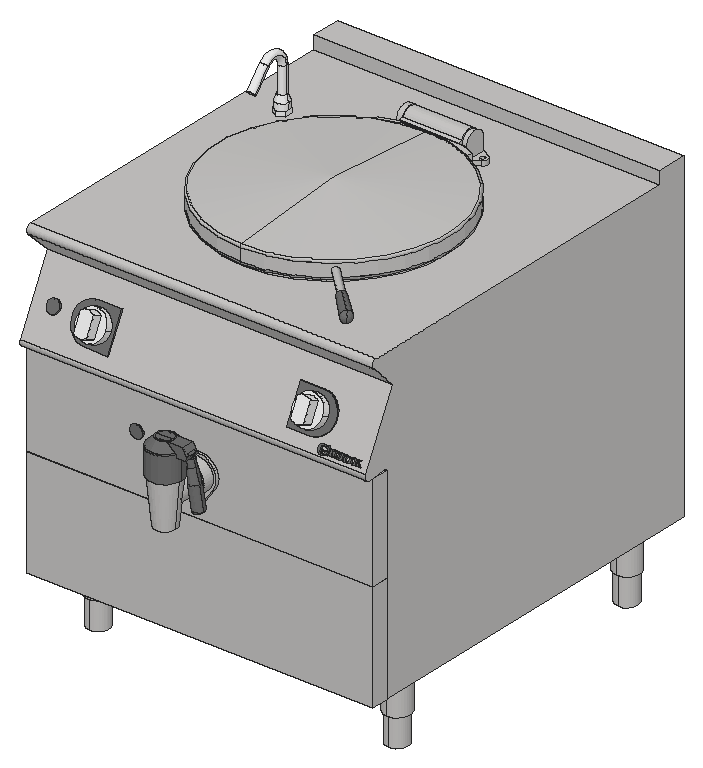
Revit family "QF_GIORIK_PGI915", category Specialty Equipment, Revit 2014
Parameters (values of type "PGI915")
  Weight in Pounds = 440.924
  Waste Water Discharge Temperature [instance] = 0 °C
  URL Cutsheet = "www.giorik.com"
  URL = "www.giorik.com"
  Status [instance] = ""
  Specification by User [instance] = ""
  Specification by Manufacturer = ""
  Show Logo [instance] = yes
  Show Clearance [instance] = yes
  Serial Number = ""
  Seismic Rating = ""
  SMACNA No = ""
  Revision Code [instance] = ""
  Plumbing Remarks [instance] = ""
  Plumbing Connection Type [instance] = ""
  NAFEM Spec ID Number = ""
  Model = "PGI915"
  Masterspec = ""
  Manufacturer = "GIORIK"
  Item Number [instance] = ""
  Installed By [instance] = ""
  Indirect Waste Size = 3/4"
  Indirect Waste Flow = 0.0 L/s
  Indirect Waste Connection Type [instance] = ""
  Indirect Waste Connection Height [instance] = 150 mm
  Identify Quantity as Lot [instance] = no
  Hot Water Temperature = 0 °C
  Hot Water Size = 1/2"
  Hot Water RI Height [instance] = 0 mm
  Hot Water Minimum Pressure = 20000.0 Pa
  Hot Water Maximum Pressure = 50000.0 Pa
  Hot Water Flow = 0.0 L/s
  Hot Water Consumption = 0.0 L/s
  Hot Water Connection Height = 150 mm
  Gas Size = 1"
  Gas RI Height [instance] = 0 mm
  Gas KW = 24
  Gas Input = 24000 W
  Gas Connection Height [instance] = 150 mm
  Furnished By [instance] = ""
  Foodservice Equipment Identifier [instance] = yes
  Description = "150 LITRE GAS BOILING PAN - INDIRECT HEATING VERSION."
  Cold Water Temperature Recommended = 0 °C
  Cold Water Size = 1/2"
  Cold Water RI Height [instance] = 150 mm
  Cold Water Minimum Pressure = 20000.0 Pa
  Cold Water Maximum Pressure = 50000.0 Pa
  Cold Water Flow [instance] = 0.0 L/s
  Cold Water Consumption [instance] = ""
  Cold Water Connection Height [instance] = 150 mm
  CSI MasterFormat = ""
  Assembly Code = "E1090320"
Reference planes
  plane 1 "Back": y = 0
  plane 2: z = 0
  plane 3 "Left": x = 0
  plane 4 "Right": x = 800
  plane 5 "Front": y = -920
  plane 6 "Top": z = 900
Forms (mm)
  Extrusion 1, solid
    sketch origin (816, 1025.81, 0) x (-1, 0, 0) y (0, -1, 0)
      loop
        line (25, 1086.81) -> (115, 1086.81) -> (115, 1156.81) -> (25, 1156.81) -> (25, 1086.81)
    from 148 to 150
  Extrusion 2, solid
    sketch origin (816, 360.81, 0) x (-1, 0, 0) y (0, -1, 0)
      loop
        line (25, 1086.81) -> (115, 1086.81) -> (115, 1156.81) -> (25, 1156.81) -> (25, 1086.81)
    from 148 to 150
  Revolve 3, solid
    sketch origin (746, 360.81, 0) x (0, 1, 0) y (0, 0, 1)
      loop
        line (-1092.56, 66) -> (-1092.56, 148) -> (-1121.81, 148) -> (-1121.81, 0) -> (-1096.81, 0) -> (-1096.81, 66) -> (-1092.56, 66)
      axis (-1121.81, 0) -> (-1121.81, 148)
    angle from 0 to 360
  Revolve 4, solid
    sketch origin (746, 1025.81, 0) x (0, 1, 0) y (0, 0, 1)
      loop
        line (-1092.56, 66) -> (-1092.56, 148) -> (-1121.81, 148) -> (-1121.81, 0) -> (-1096.81, 0) -> (-1096.81, 66) -> (-1092.56, 66)
      axis (-1121.81, 0) -> (-1121.81, 148)
    angle from 0 to 360
  Extrusion 5, solid
    sketch origin (124, 1025.81, 0) x (-1, 0, 0) y (0, -1, 0)
      loop
        line (25, 1086.81) -> (115, 1086.81) -> (115, 1156.81) -> (25, 1156.81) -> (25, 1086.81)
    from 148 to 150
  Extrusion 6, solid
    sketch origin (124, 360.81, 0) x (-1, 0, 0) y (0, -1, 0)
      loop
        line (25, 1086.81) -> (115, 1086.81) -> (115, 1156.81) -> (25, 1156.81) -> (25, 1086.81)
    from 148 to 150
  Revolve 7, solid
    sketch origin (54, 360.81, 0) x (0, 1, 0) y (0, 0, 1)
      loop
        line (-1092.56, 66) -> (-1092.56, 148) -> (-1121.81, 148) -> (-1121.81, 0) -> (-1096.81, 0) -> (-1096.81, 66) -> (-1092.56, 66)
      axis (-1121.81, 0) -> (-1121.81, 148)
    angle from 0 to 360
  Revolve 8, solid
    sketch origin (54, 1025.81, 0) x (0, 1, 0) y (0, 0, 1)
      loop
        line (-1092.56, 66) -> (-1092.56, 148) -> (-1121.81, 148) -> (-1121.81, 0) -> (-1096.81, 0) -> (-1096.81, 66) -> (-1092.56, 66)
      axis (-1121.81, 0) -> (-1121.81, 148)
    angle from 0 to 360
  Revolve 9, solid
    sketch origin (400, -1035.878, 30.013) x (0, 1, 0) y (0, 0, 1)
      loop
        line (263, 839.987) -> (523.5, 839.987) -> (523.5, 911.488)
        arc (523.5, 911.488) -> (389.852, 905.568) -> (257.251, 887.853) r 1511.497
        arc (257.251, 887.853) -> (254.241, 886.302) -> (253.5, 882.997) r 4
        line (253.5, 882.997) -> (253.5, 853.492)
        arc (253.5, 853.492) -> (254.572, 849.465) -> (258.468, 847.987) r 4.564
        line (258.468, 847.987) -> (263, 847.987) -> (263, 839.987)
      axis (523.5, 911.488) -> (523.5, 839.987)
    angle from 0 to 360
  Extrusion 10, solid
    sketch origin (331, -1525.878, 20.013) x (0, 1, 0) y (0, 0, 1)
      loop
        line (1291, 862) -> (1321, 862)
        arc (1321, 862) -> (1341.196, 898.967) -> (1299.177, 895.988) r 24
        arc (1299.177, 895.988) -> (1295.549, 893.05) -> (1291, 892) r 10.377
        line (1291, 892) -> (1291, 862)
    from 0 to 138
  Extrusion 11, solid
    sketch origin (319, -1525.878, 20.013) x (0, 1, 0) y (0, 0, 1)
      loop
        line (1297, 850) -> (1345, 850) -> (1345, 886)
        arc (1345, 886) -> (1321, 910) -> (1297, 886) r 24
        line (1297, 886) -> (1297, 850)
    from 0 to 12
  Extrusion 12, solid
    sketch origin (0, -1525.878, 870.013) x (0, 1, 0) y (-1, 0, 0)
      loop
        line (1345, -319) -> (1330.367, -295.233)
        arc (1330.367, -295.233) -> (1321, -290) -> (1311.633, -295.233) r 11
        line (1311.633, -295.233) -> (1297, -319) -> (1345, -319)
      loop
        circle (1321, -301) r 5.5
    from 0 to 9
  Extrusion 13, solid
    sketch origin (800, -1525.878, 870.013) x (0, 1, 0) y (-1, 0, 0)
      loop
        line (1345, 319) -> (1297, 319) -> (1311.633, 295.233)
        arc (1311.633, 295.233) -> (1321, 290) -> (1330.367, 295.233) r 11
        line (1330.367, 295.233) -> (1345, 319)
      loop
        circle (1321, 301) r 5.5
    from 0 to 9
  Extrusion 14, solid
    sketch origin (469, -1525.878, 20.013) x (0, 1, 0) y (0, 0, 1)
      loop
        line (1297, 850) -> (1345, 850) -> (1345, 886)
        arc (1345, 886) -> (1321, 910) -> (1297, 886) r 24
        line (1297, 886) -> (1297, 850)
    from 0 to 12
  Extrusion 15, solid
    sketch origin (-20, -900, -21.499) x (1, 0, 0) y (0, 0, 1)
      loop
        arc (455.029, 495.06) -> (420, 563) -> (384.971, 495.06) r 43
        line (384.971, 495.06) -> (408.595, 461.88)
        arc (408.595, 461.88) -> (420, 456) -> (431.405, 461.88) r 14
        line (431.405, 461.88) -> (455.029, 495.06)
      loop
        circle (420, 470) r 5
    from 0 to 6
  Revolve 16, solid
    sketch origin (-20, -1000, -21.499) x (1, 0, 0) y (0, 0, 1)
      loop
        line (420, 560) -> (420, 490) -> (440, 490) -> (440, 454) -> (445, 454) -> (454.5, 560) -> (420, 560)
      axis (420, 454) -> (420, 560)
    angle from 0 to 360
  Revolve 17, solid
    sketch origin (-20, -1000, -21.499) x (1, 0, 0) y (0, 0, 1)
      loop
        line (420, 560) -> (459.015, 560) -> (459.015, 618.943)
        arc (459.015, 618.943) -> (458.824, 619.904) -> (458.279, 620.718) r 2.507
        line (458.279, 620.718) -> (440.712, 638.268)
        arc (440.712, 638.268) -> (439.901, 638.81) -> (438.944, 639) r 2.5
        line (438.944, 639) -> (420, 639) -> (420, 560)
      axis (420, 560) -> (420, 639)
    angle from 0 to 360
  Revolve 18, solid
    sketch origin (400, -100, -21.499) x (0, 1, 0) y (0, 0, 1)
      loop
        line (-900, 520) -> (-806, 520) -> (-806, 556) -> (-833.409, 556)
        arc (-833.409, 556) -> (-835.601, 555.494) -> (-837.349, 554.078) r 5
        line (-837.349, 554.078) -> (-839.034, 551.922)
        arc (-839.034, 551.922) -> (-840.782, 550.506) -> (-842.974, 550) r 5
        line (-842.974, 550) -> (-900, 550) -> (-900, 520)
      axis (-806, 520) -> (-900, 520)
    angle from 0 to 360
  Extrusion 19, solid
    sketch origin (0, -35.878, 882.013) x (0, 1, 0) y (-1, 0, 0)
      loop
        line (-213.194, -290.935) -> (-227.053, -296.675)
        arc (-227.053, -296.675) -> (-206.785, -400) -> (-227.053, -503.325) r 273.514
        line (-227.053, -503.325) -> (-213.194, -509.065)
        arc (-213.194, -509.065) -> (-204.722, -487.451) -> (-199, -464.952) r 186.513
        line (-199, -464.952) -> (-199, -335.048)
        arc (-199, -335.048) -> (-204.722, -312.549) -> (-213.194, -290.935) r 186.513
    from 0 to 30
  Extrusion 20, solid
    sketch origin (0, 1000, -19.915) x (0, 1, 0) y (0, 0, 1)
      loop
        line (-1000, 919.915) -> (-1070, 919.915) -> (-1070, 889.915) -> (-1888.806, 889.915)
        arc (-1888.806, 889.915) -> (-1898.967, 883.461) -> (-1897.445, 871.521) r 11.226
        line (-1897.445, 871.521) -> (-1840.876, 814.952) -> (-1918.948, 661.185)
        arc (-1918.948, 661.185) -> (-1918.233, 650.033) -> (-1908.118, 645.281) r 10.981
        line (-1908.118, 645.281) -> (-1860, 649.852) -> (-1860, 170) -> (-1000, 170) -> (-1000, 919.915)
    from 0 to 800
  Extrusion 21, solid
    sketch origin (820, -985, -21.499) x (-1, 0, 0) y (0, 0, -1)
      loop
        line (368, -639) -> (420, -639) -> (420, -614) -> (364, -614)
        arc (364, -614) -> (359.031, -616.301) -> (358, -621.679) r 6
        line (358, -621.679) -> (368, -639)
    from 0 to 30
  Revolve 22, solid
    sketch origin (820, -1000, -21.499) x (-1, 0, 0) y (0, 0, -1)
      loop
        line (365.701, -595.491) -> (367.06, -595.251) -> (364.458, -563.216) -> (355.081, -510.037)
        arc (355.081, -510.037) -> (353.847, -508.1) -> (351.605, -507.603) r 3
        line (351.605, -507.603) -> (342.25, -509.253) -> (357.704, -596.901) -> (361.964, -621.057) -> (364.84, -620.55) -> (363.426, -612.529) -> (368.546, -611.626) -> (365.701, -595.491)
      axis (361.964, -621.057) -> (342.25, -509.253)
    angle from 0 to 360
  Extrusion 23, solid
    sketch origin (820, -990, -21.499) x (-1, 0, 0) y (0, 0, -1)
      loop
        arc (360.934, -626.761) -> (371.174, -617.461) -> (358, -621.679) r 7.078
        line (358, -621.679) -> (360.934, -626.761)
    from 0 to 20
  Extrusion 24, solid
    sketch origin (0, -887.576, 0) x (1, 0, 0) y (0, 0, 1)
      loop
        circle (254.679, 532.341) r 15
    from 12.424 to 14.424
  Extrusion 25, solid
    sketch origin (-6.328, -1211.709, 64.567) x (1, 0, 0) y (0, 0.452718, 0.891654)
      loop
        circle (55.091, 725.192) r 15
    from 0 to 2
  Extrusion 26, solid
    sketch origin (-202.569, -1214.126, 65.696) x (1, 0, 0) y (0, 0.45351, 0.891251)
      loop
        circle (351.331, 721.346) r 35
    from 0 to 15
  Extrusion 27, solid
    sketch origin (-202.569, -1214.126, 65.696) x (1, 0, 0) y (0, 0.45351, 0.891251)
      loop
        line (336.331, 743.846) -> (336.331, 698.846)
        arc (336.331, 698.846) -> (351.331, 693.846) -> (366.331, 698.846) r 25
        line (366.331, 698.846) -> (366.331, 743.846)
        arc (366.331, 743.846) -> (351.331, 748.846) -> (336.331, 743.846) r 25
    from 15 to 40
  Extrusion 28, solid
    sketch origin (-270.935, -1168.775, 43.101) x (1, 0, 0) y (0, 0.452718, 0.891654)
      loop
        line (463.221, 676.25) -> (463.221, 766.25) -> (409.698, 766.25)
        arc (409.698, 766.25) -> (364.698, 721.25) -> (409.698, 676.25) r 45
        line (409.698, 676.25) -> (463.221, 676.25)
    from 48 to 50
  Extrusion 29, solid
    sketch origin (1002.569, -1214.126, 65.696) x (-1, 0, 0) y (0, -0.45351, -0.891251)
      loop
        circle (351.331, -721.346) r 35
    from 0 to 15
  Extrusion 30, solid
    sketch origin (1002.569, -1214.126, 65.696) x (-1, 0, 0) y (0, -0.45351, -0.891251)
      loop
        arc (336.331, -743.846) -> (351.331, -748.846) -> (366.331, -743.846) r 25
        line (366.331, -743.846) -> (366.331, -698.846)
        arc (366.331, -698.846) -> (351.331, -693.846) -> (336.331, -698.846) r 25
        line (336.331, -698.846) -> (336.331, -743.846)
    from 15 to 40
  Extrusion 31, solid
    sketch origin (1070.935, -1168.775, 43.101) x (-1, 0, 0) y (0, -0.452718, -0.891654)
      loop
        line (463.221, -676.25) -> (409.698, -676.25)
        arc (409.698, -676.25) -> (364.698, -721.25) -> (409.698, -766.25) r 45
        line (409.698, -766.25) -> (463.221, -766.25) -> (463.221, -676.25)
    from 48 to 50
  Extrusion 32, solid, visible <- "Show Logo"
    sketch origin (591.604, -936.761, 608.448) x (-1, 0, 0) y (0, 0.452718, 0.891654)
      loop
        line (-118.824, 58.358) -> (-127.804, 58.358) -> (-125.523, 56.445) -> (-125.523, 48.027) -> (-127.804, 46.113) -> (-118.824, 46.113) -> (-121.105, 48.027) -> (-121.105, 56.445) -> (-118.824, 58.358)
      loop
        line (-163.721, 58.358) -> (-172.7, 58.358) -> (-170.42, 56.445) -> (-170.42, 48.027) -> (-172.7, 46.113) -> (-163.721, 46.113) -> (-166.001, 48.027) -> (-166.001, 56.445) -> (-163.721, 58.358)
      loop
        line (-174.332, 58.358) -> (-183.312, 58.358) -> (-181.031, 56.445) -> (-181.031, 52.435) -> (-186.419, 56.955) -> (-184.416, 58.358) -> (-191.268, 58.358) -> (-188.01, 56.839) -> (-185.455, 54.283) -> (-190.846, 47.858) -> (-193.396, 46.93) -> (-193.396, 46.113) -> (-184.416, 46.113) -> (-185.437, 47.571) -> (-182.443, 51.552) -> (-181.031, 50.894) -> (-181.031, 48.027) -> (-183.312, 46.113) -> (-174.332, 46.113) -> (-176.613, 48.027) -> (-176.613, 56.445) -> (-174.332, 58.358)
      loop
        line (-115.429, 62.063) -> (-115.429, 54.198)
        arc (-115.429, 54.198) -> (-111.618, 57.803) -> (-106.847, 59.986) r 16.039
        arc (-106.847, 59.986) -> (-103.314, 59.837) -> (-100.512, 57.68) r 5.851
        arc (-100.512, 57.68) -> (-98.815, 52.267) -> (-100.512, 46.853) r 9.479
        arc (-100.512, 46.853) -> (-102.406, 44.986) -> (-104.846, 43.93) r 7.236
        arc (-104.846, 43.93) -> (-107.728, 44.111) -> (-110.052, 45.825) r 5.11
        line (-110.052, 45.825) -> (-110.052, 52.001) -> (-116.141, 52.001) -> (-116.141, 45.503) -> (-117.893, 43.751) -> (-114.094, 44.769)
        arc (-114.094, 44.769) -> (-112.56, 44.947) -> (-111.129, 44.366) r 3.115
        arc (-111.129, 44.366) -> (-104.216, 42.091) -> (-97.303, 44.366) r 11.641
        arc (-97.303, 44.366) -> (-93.396, 52.107) -> (-97.303, 59.849) r 9.622
        arc (-97.303, 59.849) -> (-104.369, 62.174) -> (-111.435, 59.849) r 11.898
        line (-111.435, 59.849) -> (-115.429, 62.063)
      loop
        arc (-129.234, 56.068) -> (-135.893, 58.628) -> (-142.552, 56.068) r 9.941
        arc (-142.552, 56.068) -> (-144.234, 52.286) -> (-142.552, 48.505) r 5.093
        arc (-142.552, 48.505) -> (-135.893, 45.945) -> (-129.234, 48.505) r 9.941
        arc (-129.234, 48.505) -> (-127.552, 52.286) -> (-129.234, 56.068) r 5.093
      loop
        arc (-132.628, 54.403) -> (-135.893, 57.668) -> (-139.158, 54.403) r 3.265
        line (-139.158, 54.403) -> (-139.158, 50.169)
        arc (-139.158, 50.169) -> (-135.893, 46.904) -> (-132.628, 50.169) r 3.265
        line (-132.628, 50.169) -> (-132.628, 54.403)
      loop
        arc (-156.363, 58.365) -> (-159.647, 55.081) -> (-156.363, 51.796) r 3.285
        line (-156.363, 51.796) -> (-159.529, 47.306) -> (-162.087, 46.113) -> (-155.847, 46.113) -> (-153.529, 51.083) -> (-150.637, 51.083) -> (-150.637, 47.784) -> (-153.022, 46.113) -> (-144.011, 46.113) -> (-146.094, 47.68) -> (-146.094, 56.493) -> (-144.229, 58.365) -> (-156.363, 58.365)
      loop
        line (-150.637, 57.512) -> (-153.637, 57.512)
        arc (-153.637, 57.512) -> (-156.237, 54.912) -> (-153.637, 52.312) r 2.6
        line (-153.637, 52.312) -> (-150.637, 52.312) -> (-150.637, 57.512)
      loop
        line (-108.924, 52.001) -> (-104.936, 49.005) -> (-100.948, 52.001) -> (-108.924, 52.001)
    from 1.5 to -0.5
  Revolve 33, solid
    sketch origin (735, -285.878, -15) x (-1, 0, 0) y (0, 0, -1)
      loop
        line (635, -895) -> (635, -925) -> (645, -925) -> (650, -910) -> (650, -895) -> (635, -895)
      axis (635, -925) -> (635, -895)
    angle from 0 to 360
  Sweep 34, solid
    path origin (100, -48.878, -15) x (0, 1, 0) y (0, 0, -1)
      loop
        line (-237, -925) -> (-237, -986.382)
        arc (-237, -986.382) -> (-256.494, -1014.482) -> (-289.641, -1006.064) r 30
        line (-289.641, -1006.064) -> (-326.852, -963.258)
    profile origin (100, -285.878, 940.691) x (0, 1, 0) y (-1, 0, 0)
      loop
        circle (0, 0) r 9
  Extrusion 35, solid
    sketch origin (1534.526, 259.652, 885) x (0.975272, 0.221007, 0) y (-0.221007, 0.975272, 0)
      loop
        line (-1502.427, -209.668) -> (-1515.641, -197.445) -> (-1532.833, -202.777) -> (-1536.811, -220.332) -> (-1523.598, -232.555) -> (-1506.406, -227.223) -> (-1502.427, -209.668)
    from -15 to -5
  Extrusion 36, solid
    sketch origin (0, -200, 0) x (0, 1, 0) y (0, 0, 1)
      loop
        line (-660, 624.427) -> (-700, 624.427) -> (-700, 401.427) -> (-660, 401.427) -> (-660, 624.427)
    from 0 to 800
  Extrusion 37, solid
    sketch origin (0, -200, -240) x (0, 1, 0) y (0, 0, 1)
      loop
        line (-660, 640) -> (-700, 640) -> (-700, 390) -> (-660, 390) -> (-660, 640)
    from 0 to 800
  Extrusion 38, solid
    sketch origin (130, -300, 100.085) x (0, 1, 0) y (-1, 0, 0)
      loop
        circle (0, 0) r 6.5
    from 30 to 50
  Extrusion 39, solid
    sketch origin (50, -320, 100.085) x (0, 1, 0) y (-1, 0, 0)
      loop
        circle (-160, 0) r 12.5
    from 30 to 50
  Extrusion 40, solid
    sketch origin (104, -257, 100.085) x (0, 1, 0) y (-1, 0, 0)
      loop
        circle (-70, 0) r 6.5
    from 30 to 50
  Extrusion 41, solid, visible <- "Show Clearance", detail levels coarse
    sketch origin (130, -100, 70.961) x (0, 1, 0) y (0, 0, 1)
      loop
        arc (-80.878, 1446.904) -> (-506.111, 1271.7) -> (-682.378, 846.906) r 600
        line (-682.378, 846.906) -> (-80.878, 846.906) -> (-80.878, 1446.904)
    from 0 to 540
  Extrusion 42, solid
    sketch origin (170, -585, 900) x (0, 1, 0) y (-1, 0, 0)
      loop
        circle (0, 0) r 12.5
    from -750 to -769.915
  Revolve 43, solid
    sketch origin (160.983, -309.817, -52.393) x (-0.707107, 0.707107, 0) y (0, 0, -1)
      loop
        line (-671.931, -950.485) -> (-763.471, -950.485)
        arc (-763.471, -950.485) -> (-759.812, -959.317) -> (-750.98, -962.976) r 12.491
        line (-750.98, -962.976) -> (-671.931, -960.125) -> (-671.931, -950.485)
      axis (-671.931, -950.485) -> (-763.471, -950.485)
    angle from 0 to 360
  Extrusion 44, solid
    sketch origin (1359.702, -377.165, -52.393) x (-0.707107, -0.707107, 0) y (0, 0, -1)
      loop
        circle (800, -950.485) r 7.5
    from -223.314 to -315.051
Lines and regions (mm)
  symbolic lines, style "200-EquipBorder-2D"
    curve 1: line (0, -920, 0) -> (800, -920, 0)
    curve 2: line (800, -920, 0) -> (800, 0, 0)
    curve 3: line (800, 0, 0) -> (0, 0, 0)
    curve 4: line (0, 0, 0) -> (0, -920, 0)
    curve 40: arc (436.017, -985, 900) -> (360.985, -1000, 900) -> (436.017, -1015, 900) r 39.015
    curve 41: line (400, -1015, 900) -> (462.241, -1015, 900)
    curve 42: line (400, -985, 900) -> (400, -1015, 900)
    curve 43: line (462.241, -985, 900) -> (400, -985, 900)
    curve 44: line (462.241, -985, 900) -> (462.241, -1015, 900)
    curve 45: line (430.006, -975.063, 900) -> (430.006, -943.838, 900)
    curve 46: line (435.935, -933.569, 900) -> (435.935, -920, 900)
    curve 47: line (369.994, -975.063, 900) -> (369.994, -943.838, 900)
    curve 48: line (364.008, -933.469, 900) -> (364.008, -920, 900)
    curve 49: arc (369.994, -943.838, 900) -> (369.061, -940.356, 900) -> (366.512, -937.806, 900) r 6.965
    curve 50: arc (366.512, -937.806, 900) -> (364.679, -935.973, 900) -> (364.008, -933.469, 900) r 5.008
    curve 51: arc (430.006, -943.838, 900) -> (430.791, -940.279, 900) -> (433.481, -937.819, 900) r 6.041
    curve 52: arc (433.481, -937.819, 900) -> (435.38, -936.082, 900) -> (435.935, -933.569, 900) r 4.265
    curve 53: line (477.501, -987.499, 900) -> (467.858, -987.499, 900)
    curve 54: line (467.858, -1012.499, 900) -> (477.501, -1012.499, 900)
    curve 55: arc (477.501, -1012.499, 900) -> (490.001, -999.999, 900) -> (477.501, -987.499, 900) r 12.5
    curve 56: arc (467.858, -987.499, 900) -> (464.972, -987.837, 900) -> (462.241, -988.832, 900) r 12.5
    curve 57: arc (462.241, -1011.166, 900) -> (464.972, -1012.162, 900) -> (467.858, -1012.499, 900) r 12.5
    curve 73: line (163.763, -932.843, 900) -> (163.763, -920, 900)
    curve 74: arc (163.763, -932.843, 900) -> (148.758, -935.182, 900) -> (133.763, -932.783, 900) r 48.682
    curve 75: arc (636.237, -932.843, 900) -> (651.241, -935.173, 900) -> (666.237, -932.801, 900) r 49.042
    curve 76: line (636.237, -932.843, 900) -> (636.237, -920, 900)
    curve 77: line (133.763, -932.783, 900) -> (133.763, -920, 900)
    curve 78: line (666.237, -932.801, 900) -> (666.237, -920, 900)
  symbolic lines, style "200-EquipInternal-2D"
    curve 5: line (171.031, -35, 900) -> (629, -35, 900)
    curve 6: line (629, -32, 900) -> (171.031, -32, 900)
    curve 7: line (168, -25, 900) -> (632, -25, 900)
    curve 8: line (632, -22, 900) -> (168, -22, 900)
    curve 9: line (165, -15, 900) -> (635, -15, 900)
    curve 10: line (635, -12, 900) -> (165, -12, 900)
    curve 11: line (168, -22, 900) -> (168, -25, 900)
    curve 12: line (171.031, -32, 900) -> (171.031, -35, 900)
    curve 13: line (165, -12, 900) -> (165, -15, 900)
    curve 14: line (635, -15, 900) -> (635, -12, 900)
    curve 15: line (632, -25, 900) -> (632, -22, 900)
    curve 16: line (629, -35, 900) -> (629, -32, 900)
    curve 17: line (0, -70, 900) -> (800, -70, 900)
    curve 18: arc (400, -782.378, 900) -> (130, -512.378, 900) -> (400, -242.378, 900) r 270
    curve 19: arc (400, -246.129, 900) -> (133.751, -512.378, 900) -> (400, -778.627, 900) r 266.249
    curve 20: arc (400, -778.627, 900) -> (666.249, -512.378, 900) -> (400, -246.129, 900) r 266.249
    curve 21: arc (400, -242.378, 900) -> (670, -512.378, 900) -> (400, -782.378, 900) r 270
    curve 22: line (290.935, -249.072, 900) -> (296.675, -262.931, 900)
    curve 23: arc (335.048, -234.878, 900) -> (312.549, -240.6, 900) -> (290.935, -249.072, 900) r 186.513
    curve 24: line (295.233, -214.245, 900) -> (319, -228.878, 900)
    curve 25: arc (295.233, -195.511, 900) -> (290, -204.878, 900) -> (295.233, -214.245, 900) r 11
    curve 26: line (319, -180.878, 900) -> (295.233, -195.511, 900)
    curve 27: arc (301, -199.378, 900) -> (306.5, -204.878, 900) -> (301, -210.378, 900) r 5.5
    curve 28: arc (301, -210.378, 900) -> (295.5, -204.878, 900) -> (301, -199.378, 900) r 5.5
    curve 29: line (481, -180.878, 900) -> (319, -180.878, 900)
    curve 30: line (319, -228.878, 900) -> (331, -228.878, 900)
    curve 31: line (469, -234.878, 900) -> (331, -234.878, 900)
    curve 32: line (469, -228.878, 900) -> (481, -228.878, 900)
    curve 33: line (481, -228.878, 900) -> (504.767, -214.245, 900)
    curve 34: arc (499, -210.378, 900) -> (493.5, -204.878, 900) -> (499, -199.378, 900) r 5.5
    curve 35: arc (499, -199.378, 900) -> (504.5, -204.878, 900) -> (499, -210.378, 900) r 5.5
    curve 36: arc (504.767, -214.245, 900) -> (510, -204.878, 900) -> (504.767, -195.511, 900) r 11
    curve 37: line (504.767, -195.511, 900) -> (481, -180.878, 900)
    curve 38: line (469, -234.878, 900) -> (469, -228.878, 900)
    curve 39: line (331, -234.878, 900) -> (331, -228.878, 900)
    curve 58: line (84.412, -276.878, 900) -> (84.412, -294.878, 900)
    curve 59: line (100, -267.878, 900) -> (84.412, -276.878, 900)
    curve 60: line (115.588, -276.878, 900) -> (100, -267.878, 900)
    curve 61: line (115.588, -294.878, 900) -> (115.588, -276.878, 900)
    curve 62: arc (91, -285.878, 900) -> (100, -276.878, 900) -> (109, -285.878, 900) r 9
    curve 63: spline (109, -375.73, 900) -> (108.693, -377.488, 900) -> (107.794, -379.126, 900) -> (106.364, -380.533, 900) -> (104.5, -381.612, 900) -> (102.329, -382.291, 900) -> (100, -382.522, 900) -> (97.671, -382.291, 900) -> (95.5, -381.612, 900) -> (93.636, -380.533, 900) -> (92.206, -379.126, 900) -> (91.307, -377.488, 900) -> (91, -375.73, 900)
    curve 64: line (109, -285.878, 900) -> (109, -375.73, 900)
    curve 65: line (91, -375.73, 900) -> (91, -285.878, 900)
    curve 66: line (84.412, -294.878, 900) -> (91, -298.682, 900)
    curve 67: line (109, -298.682, 900) -> (115.588, -294.878, 900)
    curve 68: arc (509.065, -249.072, 900) -> (487.451, -240.6, 900) -> (464.952, -234.878, 900) r 186.513
    curve 69: line (503.325, -262.931, 900) -> (509.065, -249.072, 900)
    curve 70: arc (115, -285.878, 900) -> (113.416, -292.586, 900) -> (109, -297.878, 900) r 15
    curve 71: arc (85, -285.878, 900) -> (100, -270.878, 900) -> (115, -285.878, 900) r 15
    curve 72: arc (91, -297.878, 900) -> (86.584, -292.586, 900) -> (85, -285.878, 900) r 15
    curve 79: line (642.926, -778.127, 900) -> (629.294, -791.759, 900)
    curve 80: line (629.294, -791.759, 900) -> (683.174, -849.672, 900)
    curve 81: line (642.926, -778.127, 900) -> (700.839, -832.008, 900)
    curve 82: arc (700.839, -832.008, 900) -> (700.831, -849.665, 900) -> (683.174, -849.672, 900) r 12.491
    curve 83: line (641.413, -779.64, 900) -> (576.546, -714.773, 900)
    curve 84: line (630.807, -790.247, 900) -> (565.939, -725.379, 900)
Dimensions and locks
  plane 3 "Left" to plane 4 "Right" = 800 mm
  plane 5 "Front" to plane 1 "Back" = 920 mm
  plane 4 "Right" to plane 3 "Left" = 800 mm
  plane 1 "Back" to plane 5 "Front" = 920 mm
  plane 6 "Top" to level = 900 mm  (x2)
  aligned and locked: level to plane 2
Connectors
  piping at (130, -300, 130.085), diameter 12.7, driven by "Hot Water Size", driven by "Hot Water Flow"
    settings: on Extrusion 38, index 1, connector inside diameter 24", connector length 0 mm, flow factor 0, pipe flow 0.0 L/s, pressure drop 0.0 Pa, fitting loss kfactor 0, connector angle 0.00°, fixture units 0, engagement length 0 mm, angle of deflection 0.00°, flow configuration 1, flow direction 1, fitting loss method 0, system type 19, joint type 0, gender type 0, connector reference index -1, connector utility 0, adjustable connector no, is connector primary yes, connector description "Hot Water Inlet"
  piping at (104, -327, 130.085), diameter 12.7, driven by "Cold Water Size", driven by "Cold Water Flow"
    settings: on Extrusion 40, index 2, connector inside diameter 24", connector length 0 mm, flow factor 0, pipe flow 0.0 L/s, pressure drop 0.0 Pa, fitting loss kfactor 0, connector angle 0.00°, fixture units 0, engagement length 0 mm, angle of deflection 0.00°, flow configuration 1, flow direction 1, fitting loss method 0, system type 20, joint type 0, gender type 0, connector reference index -1, connector utility 0, adjustable connector no, is connector primary no, connector description "Cold Water Inlet"
  piping at (50, -480, 130.085), diameter 25.4, driven by "Gas Size"
    settings: on Extrusion 39, index 3, connector inside diameter 24", connector length 0 mm, flow factor 0, pipe flow 0.0 L/s, pressure drop 0.0 Pa, fitting loss kfactor 0, connector angle 0.00°, fixture units 0, engagement length 0 mm, angle of deflection 0.00°, flow configuration 1, flow direction 1, fitting loss method 0, system type 22, joint type 0, gender type 0, connector reference index -1, connector utility 0, adjustable connector no, is connector primary no, connector description "Gas Inlet"
  piping at (170, -585, 130.085), diameter 19.05, driven by "Indirect Waste Size", driven by "Indirect Waste Flow"
    settings: on Extrusion 42, index 4, connector inside diameter 24", connector length 0 mm, flow factor 0, pipe flow 0.0 L/s, pressure drop 0.0 Pa, fitting loss kfactor 0, connector angle 0.00°, fixture units 0, engagement length 0 mm, angle of deflection 0.00°, flow configuration 1, flow direction 2, fitting loss method 0, system type 16, joint type 0, gender type 0, connector reference index -1, connector utility 0, adjustable connector no, is connector primary no, connector description "Drain connection"
